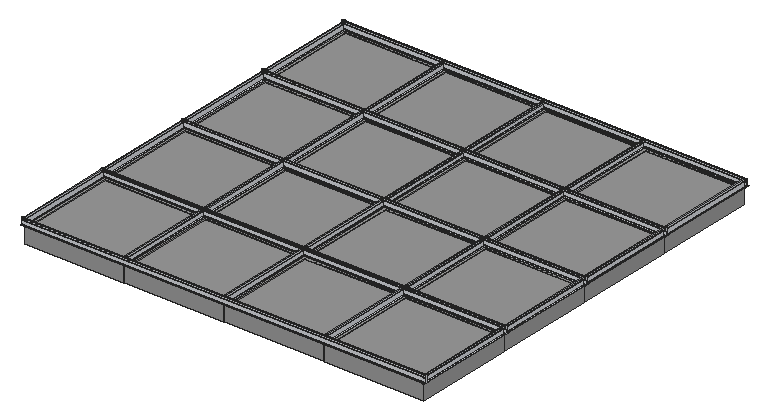
Revit family "GRD-FPG-012_RFA", category Modelos genéricos, Revit 2022 (continued)
Forms (in)
  Extrusion 181, solid
    sketch origin (48.02754, 154.90856, 0) x (1, 0, 0) y (0, 0, 1)
      loop
        arc (0.32669, 2.16944) -> (0.31795, 2.15637) -> (0.31489, 2.14095) r 0.04029
        line (0.31489, 2.14095) -> (0.31489, 1.72991)
        arc (0.31489, 1.72991) -> (0.32752, 1.69941) -> (0.35803, 1.68677) r 0.04314
        line (0.35803, 1.68677) -> (0.39803, 1.68677)
        arc (0.39803, 1.68677) -> (0.41512, 1.67969) -> (0.42221, 1.66259) r 0.02418
      loop
        arc (0.33294, 1.7291) -> (0.34005, 1.71194) -> (0.35722, 1.70483) r 0.02428
        line (0.35722, 1.70483) -> (0.39815, 1.70483)
        arc (0.39815, 1.70483) -> (0.42797, 1.69248) -> (0.44023, 1.66266) r 0.04217
        arc (0.44023, 1.66266) -> (0.45258, 1.69248) -> (0.4824, 1.70483) r 0.04217
        line (0.4824, 1.70483) -> (0.52333, 1.70483)
        arc (0.52333, 1.70483) -> (0.54049, 1.71194) -> (0.54761, 1.7291) r 0.02428
        line (0.54761, 1.7291) -> (0.54761, 2.15016) -> (0.45704, 2.24072)
        arc (0.45704, 2.24072) -> (0.44027, 2.24767) -> (0.42351, 2.24072) r 0.02371
        line (0.42351, 2.24072) -> (0.33294, 2.15016) -> (0.33294, 1.7291)
    from 58.93614 to 81.99864
  Extrusion 182, solid
    sketch origin (72.02767, 154.90856, 0) x (1, 0, 0) y (0, 0, 1)
      loop
        line (0.42221, 1.66259) -> (0.42231, 0.67354)
        arc (0.42231, 0.67354) -> (0.41009, 0.64403) -> (0.38057, 0.6318) r 0.04174
        line (0.38057, 0.6318) -> (-0.00639, 0.6318) -> (-0.00639, 0.59057) -> (0.8874, 0.59057) -> (0.8874, 0.6318) -> (0.49998, 0.6318)
        arc (0.49998, 0.6318) -> (0.47046, 0.64403) -> (0.45824, 0.67354) r 0.04174
        line (0.45824, 0.67354) -> (0.45834, 1.66259)
        arc (0.45834, 1.66259) -> (0.46543, 1.67969) -> (0.48252, 1.68677) r 0.02418
        line (0.48252, 1.68677) -> (0.52252, 1.68677)
        arc (0.52252, 1.68677) -> (0.55303, 1.69941) -> (0.56566, 1.72991) r 0.04314
        line (0.56566, 1.72991) -> (0.56566, 2.14095)
        arc (0.56566, 2.14095) -> (0.5626, 2.15637) -> (0.55386, 2.16944) r 0.04029
        line (0.55386, 2.16944) -> (0.47053, 2.25277)
        arc (0.47053, 2.25277) -> (0.44027, 2.2653) -> (0.41002, 2.25277) r 0.04279
        line (0.41002, 2.25277) -> (0.32669, 2.16944)
        arc (0.32669, 2.16944) -> (0.31795, 2.15637) -> (0.31489, 2.14095) r 0.04029
        line (0.31489, 2.14095) -> (0.31489, 1.72991)
        arc (0.31489, 1.72991) -> (0.32752, 1.69941) -> (0.35803, 1.68677) r 0.04314
        line (0.35803, 1.68677) -> (0.39803, 1.68677)
        arc (0.39803, 1.68677) -> (0.41512, 1.67969) -> (0.42221, 1.66259) r 0.02418
      loop
        arc (0.33294, 1.7291) -> (0.34005, 1.71194) -> (0.35722, 1.70483) r 0.02428
        line (0.35722, 1.70483) -> (0.39815, 1.70483)
        arc (0.39815, 1.70483) -> (0.42797, 1.69248) -> (0.44023, 1.66266) r 0.04217
        arc (0.44023, 1.66266) -> (0.45258, 1.69248) -> (0.4824, 1.70483) r 0.04217
        line (0.4824, 1.70483) -> (0.52333, 1.70483)
        arc (0.52333, 1.70483) -> (0.54049, 1.71194) -> (0.54761, 1.7291) r 0.02428
        line (0.54761, 1.7291) -> (0.54761, 2.15016) -> (0.45704, 2.24072)
        arc (0.45704, 2.24072) -> (0.44027, 2.24767) -> (0.42351, 2.24072) r 0.02371
        line (0.42351, 2.24072) -> (0.33294, 2.15016) -> (0.33294, 1.7291)
    from 58.93614 to 81.99864
  Extrusion 183, solid
    sketch origin (96.02767, 154.90856, 0) x (1, 0, 0) y (0, 0, 1)
      loop
        line (0.42221, 1.66259) -> (0.42231, 0.67354)
        arc (0.42231, 0.67354) -> (0.41009, 0.64403) -> (0.38057, 0.6318) r 0.04174
        line (0.38057, 0.6318) -> (-0.00639, 0.6318) -> (-0.00639, 0.59057) -> (0.8874, 0.59057) -> (0.8874, 0.6318) -> (0.49998, 0.6318)
        arc (0.49998, 0.6318) -> (0.47046, 0.64403) -> (0.45824, 0.67354) r 0.04174
        line (0.45824, 0.67354) -> (0.45834, 1.66259)
        arc (0.45834, 1.66259) -> (0.46543, 1.67969) -> (0.48252, 1.68677) r 0.02418
        line (0.48252, 1.68677) -> (0.52252, 1.68677)
        arc (0.52252, 1.68677) -> (0.55303, 1.69941) -> (0.56566, 1.72991) r 0.04314
        line (0.56566, 1.72991) -> (0.56566, 2.14095)
        arc (0.56566, 2.14095) -> (0.5626, 2.15637) -> (0.55386, 2.16944) r 0.04029
        line (0.55386, 2.16944) -> (0.47053, 2.25277)
        arc (0.47053, 2.25277) -> (0.44027, 2.2653) -> (0.41002, 2.25277) r 0.04279
        line (0.41002, 2.25277) -> (0.32669, 2.16944)
        arc (0.32669, 2.16944) -> (0.31795, 2.15637) -> (0.31489, 2.14095) r 0.04029
        line (0.31489, 2.14095) -> (0.31489, 1.72991)
        arc (0.31489, 1.72991) -> (0.32752, 1.69941) -> (0.35803, 1.68677) r 0.04314
        line (0.35803, 1.68677) -> (0.39803, 1.68677)
        arc (0.39803, 1.68677) -> (0.41512, 1.67969) -> (0.42221, 1.66259) r 0.02418
      loop
        arc (0.33294, 1.7291) -> (0.34005, 1.71194) -> (0.35722, 1.70483) r 0.02428
        line (0.35722, 1.70483) -> (0.39815, 1.70483)
        arc (0.39815, 1.70483) -> (0.42797, 1.69248) -> (0.44023, 1.66266) r 0.04217
        arc (0.44023, 1.66266) -> (0.45258, 1.69248) -> (0.4824, 1.70483) r 0.04217
        line (0.4824, 1.70483) -> (0.52333, 1.70483)
        arc (0.52333, 1.70483) -> (0.54049, 1.71194) -> (0.54761, 1.7291) r 0.02428
        line (0.54761, 1.7291) -> (0.54761, 2.15016) -> (0.45704, 2.24072)
        arc (0.45704, 2.24072) -> (0.44027, 2.24767) -> (0.42351, 2.24072) r 0.02371
        line (0.42351, 2.24072) -> (0.33294, 2.15016) -> (0.33294, 1.7291)
    from 58.93614 to 81.99864
  Extrusion 184, solid
    sketch origin (24.02767, 154.90856, 0) x (1, 0, 0) y (0, 0, 1)
      loop
        line (0.42221, 1.66259) -> (0.42231, 0.67354)
        arc (0.42231, 0.67354) -> (0.41009, 0.64403) -> (0.38057, 0.6318) r 0.04174
        line (0.38057, 0.6318) -> (-0.00639, 0.6318) -> (-0.00639, 0.59057) -> (0.8874, 0.59057) -> (0.8874, 0.6318) -> (0.49998, 0.6318)
        arc (0.49998, 0.6318) -> (0.47046, 0.64403) -> (0.45824, 0.67354) r 0.04174
        line (0.45824, 0.67354) -> (0.45834, 1.66259)
        arc (0.45834, 1.66259) -> (0.46543, 1.67969) -> (0.48252, 1.68677) r 0.02418
        line (0.48252, 1.68677) -> (0.52252, 1.68677)
        arc (0.52252, 1.68677) -> (0.55303, 1.69941) -> (0.56566, 1.72991) r 0.04314
        line (0.56566, 1.72991) -> (0.56566, 2.14095)
        arc (0.56566, 2.14095) -> (0.5626, 2.15637) -> (0.55386, 2.16944) r 0.04029
        line (0.55386, 2.16944) -> (0.47053, 2.25277)
        arc (0.47053, 2.25277) -> (0.44027, 2.2653) -> (0.41002, 2.25277) r 0.04279
        line (0.41002, 2.25277) -> (0.32669, 2.16944)
        arc (0.32669, 2.16944) -> (0.31795, 2.15637) -> (0.31489, 2.14095) r 0.04029
        line (0.31489, 2.14095) -> (0.31489, 1.72991)
        arc (0.31489, 1.72991) -> (0.32752, 1.69941) -> (0.35803, 1.68677) r 0.04314
        line (0.35803, 1.68677) -> (0.39803, 1.68677)
        arc (0.39803, 1.68677) -> (0.41512, 1.67969) -> (0.42221, 1.66259) r 0.02418
      loop
        arc (0.33294, 1.7291) -> (0.34005, 1.71194) -> (0.35722, 1.70483) r 0.02428
        line (0.35722, 1.70483) -> (0.39815, 1.70483)
        arc (0.39815, 1.70483) -> (0.42797, 1.69248) -> (0.44023, 1.66266) r 0.04217
        arc (0.44023, 1.66266) -> (0.45258, 1.69248) -> (0.4824, 1.70483) r 0.04217
        line (0.4824, 1.70483) -> (0.52333, 1.70483)
        arc (0.52333, 1.70483) -> (0.54049, 1.71194) -> (0.54761, 1.7291) r 0.02428
        line (0.54761, 1.7291) -> (0.54761, 2.15016) -> (0.45704, 2.24072)
        arc (0.45704, 2.24072) -> (0.44027, 2.24767) -> (0.42351, 2.24072) r 0.02371
        line (0.42351, 2.24072) -> (0.33294, 2.15016) -> (0.33294, 1.7291)
    from 58.93614 to 81.99864
  Extrusion 185, solid
    sketch origin (0.02767, 154.90856, 0) x (1, 0, 0) y (0, 0, 1)
      loop
        line (0.42221, 1.66259) -> (0.42231, 0.67354)
        arc (0.42231, 0.67354) -> (0.41009, 0.64403) -> (0.38057, 0.6318) r 0.04174
        line (0.38057, 0.6318) -> (-0.00639, 0.6318) -> (-0.00639, 0.59057) -> (0.8874, 0.59057) -> (0.8874, 0.6318) -> (0.49998, 0.6318)
        arc (0.49998, 0.6318) -> (0.47046, 0.64403) -> (0.45824, 0.67354) r 0.04174
        line (0.45824, 0.67354) -> (0.45834, 1.66259)
        arc (0.45834, 1.66259) -> (0.46543, 1.67969) -> (0.48252, 1.68677) r 0.02418
        line (0.48252, 1.68677) -> (0.52252, 1.68677)
        arc (0.52252, 1.68677) -> (0.55303, 1.69941) -> (0.56566, 1.72991) r 0.04314
        line (0.56566, 1.72991) -> (0.56566, 2.14095)
        arc (0.56566, 2.14095) -> (0.5626, 2.15637) -> (0.55386, 2.16944) r 0.04029
        line (0.55386, 2.16944) -> (0.47053, 2.25277)
        arc (0.47053, 2.25277) -> (0.44027, 2.2653) -> (0.41002, 2.25277) r 0.04279
        line (0.41002, 2.25277) -> (0.32669, 2.16944)
        arc (0.32669, 2.16944) -> (0.31795, 2.15637) -> (0.31489, 2.14095) r 0.04029
        line (0.31489, 2.14095) -> (0.31489, 1.72991)
        arc (0.31489, 1.72991) -> (0.32752, 1.69941) -> (0.35803, 1.68677) r 0.04314
        line (0.35803, 1.68677) -> (0.39803, 1.68677)
        arc (0.39803, 1.68677) -> (0.41512, 1.67969) -> (0.42221, 1.66259) r 0.02418
      loop
        arc (0.33294, 1.7291) -> (0.34005, 1.71194) -> (0.35722, 1.70483) r 0.02428
        line (0.35722, 1.70483) -> (0.39815, 1.70483)
        arc (0.39815, 1.70483) -> (0.42797, 1.69248) -> (0.44023, 1.66266) r 0.04217
        arc (0.44023, 1.66266) -> (0.45258, 1.69248) -> (0.4824, 1.70483) r 0.04217
        line (0.4824, 1.70483) -> (0.52333, 1.70483)
        arc (0.52333, 1.70483) -> (0.54049, 1.71194) -> (0.54761, 1.7291) r 0.02428
        line (0.54761, 1.7291) -> (0.54761, 2.15016) -> (0.45704, 2.24072)
        arc (0.45704, 2.24072) -> (0.44027, 2.24767) -> (0.42351, 2.24072) r 0.02371
        line (0.42351, 2.24072) -> (0.33294, 2.15016) -> (0.33294, 1.7291)
    from 58.93614 to 81.99864
  Extrusion 186, solid
    sketch origin (48.02754, 130.90855, 0) x (1, 0, 0) y (0, 0, 1)
      loop
        line (0.42221, 1.66259) -> (0.42231, 0.67354)
        arc (0.42231, 0.67354) -> (0.41009, 0.64403) -> (0.38057, 0.6318) r 0.04174
        line (0.38057, 0.6318) -> (-0.00639, 0.6318) -> (-0.00639, 0.59057) -> (0.8874, 0.59057) -> (0.8874, 0.6318) -> (0.49998, 0.6318)
        arc (0.49998, 0.6318) -> (0.47046, 0.64403) -> (0.45824, 0.67354) r 0.04174
        line (0.45824, 0.67354) -> (0.45834, 1.66259)
        arc (0.45834, 1.66259) -> (0.46543, 1.67969) -> (0.48252, 1.68677) r 0.02418
        line (0.48252, 1.68677) -> (0.52252, 1.68677)
        arc (0.52252, 1.68677) -> (0.55303, 1.69941) -> (0.56566, 1.72991) r 0.04314
        line (0.56566, 1.72991) -> (0.56566, 2.14095)
        arc (0.56566, 2.14095) -> (0.5626, 2.15637) -> (0.55386, 2.16944) r 0.04029
        line (0.55386, 2.16944) -> (0.47053, 2.25277)
        arc (0.47053, 2.25277) -> (0.44027, 2.2653) -> (0.41002, 2.25277) r 0.04279
        line (0.41002, 2.25277) -> (0.32669, 2.16944)
        arc (0.32669, 2.16944) -> (0.31795, 2.15637) -> (0.31489, 2.14095) r 0.04029
        line (0.31489, 2.14095) -> (0.31489, 1.72991)
        arc (0.31489, 1.72991) -> (0.32752, 1.69941) -> (0.35803, 1.68677) r 0.04314
        line (0.35803, 1.68677) -> (0.39803, 1.68677)
        arc (0.39803, 1.68677) -> (0.41512, 1.67969) -> (0.42221, 1.66259) r 0.02418
      loop
        arc (0.33294, 1.7291) -> (0.34005, 1.71194) -> (0.35722, 1.70483) r 0.02428
        line (0.35722, 1.70483) -> (0.39815, 1.70483)
        arc (0.39815, 1.70483) -> (0.42797, 1.69248) -> (0.44023, 1.66266) r 0.04217
        arc (0.44023, 1.66266) -> (0.45258, 1.69248) -> (0.4824, 1.70483) r 0.04217
        line (0.4824, 1.70483) -> (0.52333, 1.70483)
        arc (0.52333, 1.70483) -> (0.54049, 1.71194) -> (0.54761, 1.7291) r 0.02428
        line (0.54761, 1.7291) -> (0.54761, 2.15016) -> (0.45704, 2.24072)
        arc (0.45704, 2.24072) -> (0.44027, 2.24767) -> (0.42351, 2.24072) r 0.02371
        line (0.42351, 2.24072) -> (0.33294, 2.15016) -> (0.33294, 1.7291)
    from 58.93614 to 81.99864
  Extrusion 187, solid
    sketch origin (72.02767, 130.90855, 0) x (1, 0, 0) y (0, 0, 1)
      loop
        line (0.42221, 1.66259) -> (0.42231, 0.67354)
        arc (0.42231, 0.67354) -> (0.41009, 0.64403) -> (0.38057, 0.6318) r 0.04174
        line (0.38057, 0.6318) -> (-0.00639, 0.6318) -> (-0.00639, 0.59057) -> (0.8874, 0.59057) -> (0.8874, 0.6318) -> (0.49998, 0.6318)
        arc (0.49998, 0.6318) -> (0.47046, 0.64403) -> (0.45824, 0.67354) r 0.04174
        line (0.45824, 0.67354) -> (0.45834, 1.66259)
        arc (0.45834, 1.66259) -> (0.46543, 1.67969) -> (0.48252, 1.68677) r 0.02418
        line (0.48252, 1.68677) -> (0.52252, 1.68677)
        arc (0.52252, 1.68677) -> (0.55303, 1.69941) -> (0.56566, 1.72991) r 0.04314
        line (0.56566, 1.72991) -> (0.56566, 2.14095)
        arc (0.56566, 2.14095) -> (0.5626, 2.15637) -> (0.55386, 2.16944) r 0.04029
        line (0.55386, 2.16944) -> (0.47053, 2.25277)
        arc (0.47053, 2.25277) -> (0.44027, 2.2653) -> (0.41002, 2.25277) r 0.04279
        line (0.41002, 2.25277) -> (0.32669, 2.16944)
        arc (0.32669, 2.16944) -> (0.31795, 2.15637) -> (0.31489, 2.14095) r 0.04029
        line (0.31489, 2.14095) -> (0.31489, 1.72991)
        arc (0.31489, 1.72991) -> (0.32752, 1.69941) -> (0.35803, 1.68677) r 0.04314
        line (0.35803, 1.68677) -> (0.39803, 1.68677)
        arc (0.39803, 1.68677) -> (0.41512, 1.67969) -> (0.42221, 1.66259) r 0.02418
      loop
        arc (0.33294, 1.7291) -> (0.34005, 1.71194) -> (0.35722, 1.70483) r 0.02428
        line (0.35722, 1.70483) -> (0.39815, 1.70483)
        arc (0.39815, 1.70483) -> (0.42797, 1.69248) -> (0.44023, 1.66266) r 0.04217
        arc (0.44023, 1.66266) -> (0.45258, 1.69248) -> (0.4824, 1.70483) r 0.04217
        line (0.4824, 1.70483) -> (0.52333, 1.70483)
        arc (0.52333, 1.70483) -> (0.54049, 1.71194) -> (0.54761, 1.7291) r 0.02428
        line (0.54761, 1.7291) -> (0.54761, 2.15016) -> (0.45704, 2.24072)
        arc (0.45704, 2.24072) -> (0.44027, 2.24767) -> (0.42351, 2.24072) r 0.02371
        line (0.42351, 2.24072) -> (0.33294, 2.15016) -> (0.33294, 1.7291)
    from 58.93614 to 81.99864
  Extrusion 188, solid
    sketch origin (96.02767, 130.90855, 0) x (1, 0, 0) y (0, 0, 1)
      loop
        line (0.42221, 1.66259) -> (0.42231, 0.67354)
        arc (0.42231, 0.67354) -> (0.41009, 0.64403) -> (0.38057, 0.6318) r 0.04174
        line (0.38057, 0.6318) -> (-0.00639, 0.6318) -> (-0.00639, 0.59057) -> (0.8874, 0.59057) -> (0.8874, 0.6318) -> (0.49998, 0.6318)
        arc (0.49998, 0.6318) -> (0.47046, 0.64403) -> (0.45824, 0.67354) r 0.04174
        line (0.45824, 0.67354) -> (0.45834, 1.66259)
        arc (0.45834, 1.66259) -> (0.46543, 1.67969) -> (0.48252, 1.68677) r 0.02418
        line (0.48252, 1.68677) -> (0.52252, 1.68677)
        arc (0.52252, 1.68677) -> (0.55303, 1.69941) -> (0.56566, 1.72991) r 0.04314
        line (0.56566, 1.72991) -> (0.56566, 2.14095)
        arc (0.56566, 2.14095) -> (0.5626, 2.15637) -> (0.55386, 2.16944) r 0.04029
        line (0.55386, 2.16944) -> (0.47053, 2.25277)
        arc (0.47053, 2.25277) -> (0.44027, 2.2653) -> (0.41002, 2.25277) r 0.04279
        line (0.41002, 2.25277) -> (0.32669, 2.16944)
        arc (0.32669, 2.16944) -> (0.31795, 2.15637) -> (0.31489, 2.14095) r 0.04029
        line (0.31489, 2.14095) -> (0.31489, 1.72991)
        arc (0.31489, 1.72991) -> (0.32752, 1.69941) -> (0.35803, 1.68677) r 0.04314
        line (0.35803, 1.68677) -> (0.39803, 1.68677)
        arc (0.39803, 1.68677) -> (0.41512, 1.67969) -> (0.42221, 1.66259) r 0.02418
      loop
        arc (0.33294, 1.7291) -> (0.34005, 1.71194) -> (0.35722, 1.70483) r 0.02428
        line (0.35722, 1.70483) -> (0.39815, 1.70483)
        arc (0.39815, 1.70483) -> (0.42797, 1.69248) -> (0.44023, 1.66266) r 0.04217
        arc (0.44023, 1.66266) -> (0.45258, 1.69248) -> (0.4824, 1.70483) r 0.04217
        line (0.4824, 1.70483) -> (0.52333, 1.70483)
        arc (0.52333, 1.70483) -> (0.54049, 1.71194) -> (0.54761, 1.7291) r 0.02428
        line (0.54761, 1.7291) -> (0.54761, 2.15016) -> (0.45704, 2.24072)
        arc (0.45704, 2.24072) -> (0.44027, 2.24767) -> (0.42351, 2.24072) r 0.02371
        line (0.42351, 2.24072) -> (0.33294, 2.15016) -> (0.33294, 1.7291)
    from 58.93614 to 81.99864
  Extrusion 189, solid
    sketch origin (24.02767, 130.90855, 0) x (1, 0, 0) y (0, 0, 1)
      loop
        line (0.42221, 1.66259) -> (0.42231, 0.67354)
        arc (0.42231, 0.67354) -> (0.41009, 0.64403) -> (0.38057, 0.6318) r 0.04174
        line (0.38057, 0.6318) -> (-0.00639, 0.6318) -> (-0.00639, 0.59057) -> (0.8874, 0.59057) -> (0.8874, 0.6318) -> (0.49998, 0.6318)
        arc (0.49998, 0.6318) -> (0.47046, 0.64403) -> (0.45824, 0.67354) r 0.04174
        line (0.45824, 0.67354) -> (0.45834, 1.66259)
        arc (0.45834, 1.66259) -> (0.46543, 1.67969) -> (0.48252, 1.68677) r 0.02418
        line (0.48252, 1.68677) -> (0.52252, 1.68677)
        arc (0.52252, 1.68677) -> (0.55303, 1.69941) -> (0.56566, 1.72991) r 0.04314
        line (0.56566, 1.72991) -> (0.56566, 2.14095)
        arc (0.56566, 2.14095) -> (0.5626, 2.15637) -> (0.55386, 2.16944) r 0.04029
        line (0.55386, 2.16944) -> (0.47053, 2.25277)
        arc (0.47053, 2.25277) -> (0.44027, 2.2653) -> (0.41002, 2.25277) r 0.04279
        line (0.41002, 2.25277) -> (0.32669, 2.16944)
        arc (0.32669, 2.16944) -> (0.31795, 2.15637) -> (0.31489, 2.14095) r 0.04029
        line (0.31489, 2.14095) -> (0.31489, 1.72991)
        arc (0.31489, 1.72991) -> (0.32752, 1.69941) -> (0.35803, 1.68677) r 0.04314
        line (0.35803, 1.68677) -> (0.39803, 1.68677)
        arc (0.39803, 1.68677) -> (0.41512, 1.67969) -> (0.42221, 1.66259) r 0.02418
      loop
        arc (0.33294, 1.7291) -> (0.34005, 1.71194) -> (0.35722, 1.70483) r 0.02428
        line (0.35722, 1.70483) -> (0.39815, 1.70483)
        arc (0.39815, 1.70483) -> (0.42797, 1.69248) -> (0.44023, 1.66266) r 0.04217
        arc (0.44023, 1.66266) -> (0.45258, 1.69248) -> (0.4824, 1.70483) r 0.04217
        line (0.4824, 1.70483) -> (0.52333, 1.70483)
        arc (0.52333, 1.70483) -> (0.54049, 1.71194) -> (0.54761, 1.7291) r 0.02428
        line (0.54761, 1.7291) -> (0.54761, 2.15016) -> (0.45704, 2.24072)
        arc (0.45704, 2.24072) -> (0.44027, 2.24767) -> (0.42351, 2.24072) r 0.02371
        line (0.42351, 2.24072) -> (0.33294, 2.15016) -> (0.33294, 1.7291)
    from 58.93614 to 81.99864
  Extrusion 190, solid
    sketch origin (0.02767, 130.90855, 0) x (1, 0, 0) y (0, 0, 1)
      loop
        line (0.42221, 1.66259) -> (0.42231, 0.67354)
        arc (0.42231, 0.67354) -> (0.41009, 0.64403) -> (0.38057, 0.6318) r 0.04174
        line (0.38057, 0.6318) -> (-0.00639, 0.6318) -> (-0.00639, 0.59057) -> (0.8874, 0.59057) -> (0.8874, 0.6318) -> (0.49998, 0.6318)
        arc (0.49998, 0.6318) -> (0.47046, 0.64403) -> (0.45824, 0.67354) r 0.04174
        line (0.45824, 0.67354) -> (0.45834, 1.66259)
        arc (0.45834, 1.66259) -> (0.46543, 1.67969) -> (0.48252, 1.68677) r 0.02418
        line (0.48252, 1.68677) -> (0.52252, 1.68677)
        arc (0.52252, 1.68677) -> (0.55303, 1.69941) -> (0.56566, 1.72991) r 0.04314
        line (0.56566, 1.72991) -> (0.56566, 2.14095)
        arc (0.56566, 2.14095) -> (0.5626, 2.15637) -> (0.55386, 2.16944) r 0.04029
        line (0.55386, 2.16944) -> (0.47053, 2.25277)
        arc (0.47053, 2.25277) -> (0.44027, 2.2653) -> (0.41002, 2.25277) r 0.04279
        line (0.41002, 2.25277) -> (0.32669, 2.16944)
        arc (0.32669, 2.16944) -> (0.31795, 2.15637) -> (0.31489, 2.14095) r 0.04029
        line (0.31489, 2.14095) -> (0.31489, 1.72991)
        arc (0.31489, 1.72991) -> (0.32752, 1.69941) -> (0.35803, 1.68677) r 0.04314
        line (0.35803, 1.68677) -> (0.39803, 1.68677)
        arc (0.39803, 1.68677) -> (0.41512, 1.67969) -> (0.42221, 1.66259) r 0.02418
      loop
        arc (0.33294, 1.7291) -> (0.34005, 1.71194) -> (0.35722, 1.70483) r 0.02428
        line (0.35722, 1.70483) -> (0.39815, 1.70483)
        arc (0.39815, 1.70483) -> (0.42797, 1.69248) -> (0.44023, 1.66266) r 0.04217
        arc (0.44023, 1.66266) -> (0.45258, 1.69248) -> (0.4824, 1.70483) r 0.04217
        line (0.4824, 1.70483) -> (0.52333, 1.70483)
        arc (0.52333, 1.70483) -> (0.54049, 1.71194) -> (0.54761, 1.7291) r 0.02428
        line (0.54761, 1.7291) -> (0.54761, 2.15016) -> (0.45704, 2.24072)
        arc (0.45704, 2.24072) -> (0.44027, 2.24767) -> (0.42351, 2.24072) r 0.02371
        line (0.42351, 2.24072) -> (0.33294, 2.15016) -> (0.33294, 1.7291)
    from 58.93614 to 81.99864
  Extrusion 191, solid
    sketch origin (48.02754, 106.90856, 0) x (1, 0, 0) y (0, 0, 1)
      loop
        line (0.42221, 1.66259) -> (0.42231, 0.67354)
        arc (0.42231, 0.67354) -> (0.41009, 0.64403) -> (0.38057, 0.6318) r 0.04174
        line (0.38057, 0.6318) -> (-0.00639, 0.6318) -> (-0.00639, 0.59057) -> (0.8874, 0.59057) -> (0.8874, 0.6318) -> (0.49998, 0.6318)
        arc (0.49998, 0.6318) -> (0.47046, 0.64403) -> (0.45824, 0.67354) r 0.04174
        line (0.45824, 0.67354) -> (0.45834, 1.66259)
        arc (0.45834, 1.66259) -> (0.46543, 1.67969) -> (0.48252, 1.68677) r 0.02418
        line (0.48252, 1.68677) -> (0.52252, 1.68677)
        arc (0.52252, 1.68677) -> (0.55303, 1.69941) -> (0.56566, 1.72991) r 0.04314
        line (0.56566, 1.72991) -> (0.56566, 2.14095)
        arc (0.56566, 2.14095) -> (0.5626, 2.15637) -> (0.55386, 2.16944) r 0.04029
        line (0.55386, 2.16944) -> (0.47053, 2.25277)
        arc (0.47053, 2.25277) -> (0.44027, 2.2653) -> (0.41002, 2.25277) r 0.04279
        line (0.41002, 2.25277) -> (0.32669, 2.16944)
        arc (0.32669, 2.16944) -> (0.31795, 2.15637) -> (0.31489, 2.14095) r 0.04029
        line (0.31489, 2.14095) -> (0.31489, 1.72991)
        arc (0.31489, 1.72991) -> (0.32752, 1.69941) -> (0.35803, 1.68677) r 0.04314
        line (0.35803, 1.68677) -> (0.39803, 1.68677)
        arc (0.39803, 1.68677) -> (0.41512, 1.67969) -> (0.42221, 1.66259) r 0.02418
      loop
        arc (0.33294, 1.7291) -> (0.34005, 1.71194) -> (0.35722, 1.70483) r 0.02428
        line (0.35722, 1.70483) -> (0.39815, 1.70483)
        arc (0.39815, 1.70483) -> (0.42797, 1.69248) -> (0.44023, 1.66266) r 0.04217
        arc (0.44023, 1.66266) -> (0.45258, 1.69248) -> (0.4824, 1.70483) r 0.04217
        line (0.4824, 1.70483) -> (0.52333, 1.70483)
        arc (0.52333, 1.70483) -> (0.54049, 1.71194) -> (0.54761, 1.7291) r 0.02428
        line (0.54761, 1.7291) -> (0.54761, 2.15016) -> (0.45704, 2.24072)
        arc (0.45704, 2.24072) -> (0.44027, 2.24767) -> (0.42351, 2.24072) r 0.02371
        line (0.42351, 2.24072) -> (0.33294, 2.15016) -> (0.33294, 1.7291)
    from 58.93614 to 81.99864
  Extrusion 192, solid
    sketch origin (72.02767, 106.90856, 0) x (1, 0, 0) y (0, 0, 1)
      loop
        line (0.42221, 1.66259) -> (0.42231, 0.67354)
        arc (0.42231, 0.67354) -> (0.41009, 0.64403) -> (0.38057, 0.6318) r 0.04174
        line (0.38057, 0.6318) -> (-0.00639, 0.6318) -> (-0.00639, 0.59057) -> (0.8874, 0.59057) -> (0.8874, 0.6318) -> (0.49998, 0.6318)
        arc (0.49998, 0.6318) -> (0.47046, 0.64403) -> (0.45824, 0.67354) r 0.04174
        line (0.45824, 0.67354) -> (0.45834, 1.66259)
        arc (0.45834, 1.66259) -> (0.46543, 1.67969) -> (0.48252, 1.68677) r 0.02418
        line (0.48252, 1.68677) -> (0.52252, 1.68677)
        arc (0.52252, 1.68677) -> (0.55303, 1.69941) -> (0.56566, 1.72991) r 0.04314
        line (0.56566, 1.72991) -> (0.56566, 2.14095)
        arc (0.56566, 2.14095) -> (0.5626, 2.15637) -> (0.55386, 2.16944) r 0.04029
        line (0.55386, 2.16944) -> (0.47053, 2.25277)
        arc (0.47053, 2.25277) -> (0.44027, 2.2653) -> (0.41002, 2.25277) r 0.04279
        line (0.41002, 2.25277) -> (0.32669, 2.16944)
        arc (0.32669, 2.16944) -> (0.31795, 2.15637) -> (0.31489, 2.14095) r 0.04029
        line (0.31489, 2.14095) -> (0.31489, 1.72991)
        arc (0.31489, 1.72991) -> (0.32752, 1.69941) -> (0.35803, 1.68677) r 0.04314
        line (0.35803, 1.68677) -> (0.39803, 1.68677)
        arc (0.39803, 1.68677) -> (0.41512, 1.67969) -> (0.42221, 1.66259) r 0.02418
      loop
        arc (0.33294, 1.7291) -> (0.34005, 1.71194) -> (0.35722, 1.70483) r 0.02428
        line (0.35722, 1.70483) -> (0.39815, 1.70483)
        arc (0.39815, 1.70483) -> (0.42797, 1.69248) -> (0.44023, 1.66266) r 0.04217
        arc (0.44023, 1.66266) -> (0.45258, 1.69248) -> (0.4824, 1.70483) r 0.04217
        line (0.4824, 1.70483) -> (0.52333, 1.70483)
        arc (0.52333, 1.70483) -> (0.54049, 1.71194) -> (0.54761, 1.7291) r 0.02428
        line (0.54761, 1.7291) -> (0.54761, 2.15016) -> (0.45704, 2.24072)
        arc (0.45704, 2.24072) -> (0.44027, 2.24767) -> (0.42351, 2.24072) r 0.02371
        line (0.42351, 2.24072) -> (0.33294, 2.15016) -> (0.33294, 1.7291)
    from 58.93614 to 81.99864
  Extrusion 193, solid
    sketch origin (96.02767, 106.90856, 0) x (1, 0, 0) y (0, 0, 1)
      loop
        line (0.42221, 1.66259) -> (0.42231, 0.67354)
        arc (0.42231, 0.67354) -> (0.41009, 0.64403) -> (0.38057, 0.6318) r 0.04174
        line (0.38057, 0.6318) -> (-0.00639, 0.6318) -> (-0.00639, 0.59057) -> (0.8874, 0.59057) -> (0.8874, 0.6318) -> (0.49998, 0.6318)
        arc (0.49998, 0.6318) -> (0.47046, 0.64403) -> (0.45824, 0.67354) r 0.04174
        line (0.45824, 0.67354) -> (0.45834, 1.66259)
        arc (0.45834, 1.66259) -> (0.46543, 1.67969) -> (0.48252, 1.68677) r 0.02418
        line (0.48252, 1.68677) -> (0.52252, 1.68677)
        arc (0.52252, 1.68677) -> (0.55303, 1.69941) -> (0.56566, 1.72991) r 0.04314
        line (0.56566, 1.72991) -> (0.56566, 2.14095)
        arc (0.56566, 2.14095) -> (0.5626, 2.15637) -> (0.55386, 2.16944) r 0.04029
        line (0.55386, 2.16944) -> (0.47053, 2.25277)
        arc (0.47053, 2.25277) -> (0.44027, 2.2653) -> (0.41002, 2.25277) r 0.04279
        line (0.41002, 2.25277) -> (0.32669, 2.16944)
        arc (0.32669, 2.16944) -> (0.31795, 2.15637) -> (0.31489, 2.14095) r 0.04029
        line (0.31489, 2.14095) -> (0.31489, 1.72991)
        arc (0.31489, 1.72991) -> (0.32752, 1.69941) -> (0.35803, 1.68677) r 0.04314
        line (0.35803, 1.68677) -> (0.39803, 1.68677)
        arc (0.39803, 1.68677) -> (0.41512, 1.67969) -> (0.42221, 1.66259) r 0.02418
      loop
        arc (0.33294, 1.7291) -> (0.34005, 1.71194) -> (0.35722, 1.70483) r 0.02428
        line (0.35722, 1.70483) -> (0.39815, 1.70483)
        arc (0.39815, 1.70483) -> (0.42797, 1.69248) -> (0.44023, 1.66266) r 0.04217
        arc (0.44023, 1.66266) -> (0.45258, 1.69248) -> (0.4824, 1.70483) r 0.04217
        line (0.4824, 1.70483) -> (0.52333, 1.70483)
        arc (0.52333, 1.70483) -> (0.54049, 1.71194) -> (0.54761, 1.7291) r 0.02428
        line (0.54761, 1.7291) -> (0.54761, 2.15016) -> (0.45704, 2.24072)
        arc (0.45704, 2.24072) -> (0.44027, 2.24767) -> (0.42351, 2.24072) r 0.02371
        line (0.42351, 2.24072) -> (0.33294, 2.15016) -> (0.33294, 1.7291)
    from 58.93614 to 81.99864
  Extrusion 194, solid
    sketch origin (24.02767, 106.90856, 0) x (1, 0, 0) y (0, 0, 1)
      loop
        line (0.42221, 1.66259) -> (0.42231, 0.67354)
        arc (0.42231, 0.67354) -> (0.41009, 0.64403) -> (0.38057, 0.6318) r 0.04174
        line (0.38057, 0.6318) -> (-0.00639, 0.6318) -> (-0.00639, 0.59057) -> (0.8874, 0.59057) -> (0.8874, 0.6318) -> (0.49998, 0.6318)
        arc (0.49998, 0.6318) -> (0.47046, 0.64403) -> (0.45824, 0.67354) r 0.04174
        line (0.45824, 0.67354) -> (0.45834, 1.66259)
        arc (0.45834, 1.66259) -> (0.46543, 1.67969) -> (0.48252, 1.68677) r 0.02418
        line (0.48252, 1.68677) -> (0.52252, 1.68677)
        arc (0.52252, 1.68677) -> (0.55303, 1.69941) -> (0.56566, 1.72991) r 0.04314
        line (0.56566, 1.72991) -> (0.56566, 2.14095)
        arc (0.56566, 2.14095) -> (0.5626, 2.15637) -> (0.55386, 2.16944) r 0.04029
        line (0.55386, 2.16944) -> (0.47053, 2.25277)
        arc (0.47053, 2.25277) -> (0.44027, 2.2653) -> (0.41002, 2.25277) r 0.04279
        line (0.41002, 2.25277) -> (0.32669, 2.16944)
        arc (0.32669, 2.16944) -> (0.31795, 2.15637) -> (0.31489, 2.14095) r 0.04029
        line (0.31489, 2.14095) -> (0.31489, 1.72991)
        arc (0.31489, 1.72991) -> (0.32752, 1.69941) -> (0.35803, 1.68677) r 0.04314
        line (0.35803, 1.68677) -> (0.39803, 1.68677)
        arc (0.39803, 1.68677) -> (0.41512, 1.67969) -> (0.42221, 1.66259) r 0.02418
      loop
        arc (0.33294, 1.7291) -> (0.34005, 1.71194) -> (0.35722, 1.70483) r 0.02428
        line (0.35722, 1.70483) -> (0.39815, 1.70483)
        arc (0.39815, 1.70483) -> (0.42797, 1.69248) -> (0.44023, 1.66266) r 0.04217
        arc (0.44023, 1.66266) -> (0.45258, 1.69248) -> (0.4824, 1.70483) r 0.04217
        line (0.4824, 1.70483) -> (0.52333, 1.70483)
        arc (0.52333, 1.70483) -> (0.54049, 1.71194) -> (0.54761, 1.7291) r 0.02428
        line (0.54761, 1.7291) -> (0.54761, 2.15016) -> (0.45704, 2.24072)
        arc (0.45704, 2.24072) -> (0.44027, 2.24767) -> (0.42351, 2.24072) r 0.02371
        line (0.42351, 2.24072) -> (0.33294, 2.15016) -> (0.33294, 1.7291)
    from 58.93614 to 81.99864
  Extrusion 195, solid
    sketch origin (0.02767, 106.90856, 0) x (1, 0, 0) y (0, 0, 1)
      loop
        line (0.42221, 1.66259) -> (0.42231, 0.67354)
        arc (0.42231, 0.67354) -> (0.41009, 0.64403) -> (0.38057, 0.6318) r 0.04174
        line (0.38057, 0.6318) -> (-0.00639, 0.6318) -> (-0.00639, 0.59057) -> (0.8874, 0.59057) -> (0.8874, 0.6318) -> (0.49998, 0.6318)
        arc (0.49998, 0.6318) -> (0.47046, 0.64403) -> (0.45824, 0.67354) r 0.04174
        line (0.45824, 0.67354) -> (0.45834, 1.66259)
        arc (0.45834, 1.66259) -> (0.46543, 1.67969) -> (0.48252, 1.68677) r 0.02418
        line (0.48252, 1.68677) -> (0.52252, 1.68677)
        arc (0.52252, 1.68677) -> (0.55303, 1.69941) -> (0.56566, 1.72991) r 0.04314
        line (0.56566, 1.72991) -> (0.56566, 2.14095)
        arc (0.56566, 2.14095) -> (0.5626, 2.15637) -> (0.55386, 2.16944) r 0.04029
        line (0.55386, 2.16944) -> (0.47053, 2.25277)
        arc (0.47053, 2.25277) -> (0.44027, 2.2653) -> (0.41002, 2.25277) r 0.04279
        line (0.41002, 2.25277) -> (0.32669, 2.16944)
        arc (0.32669, 2.16944) -> (0.31795, 2.15637) -> (0.31489, 2.14095) r 0.04029
        line (0.31489, 2.14095) -> (0.31489, 1.72991)
        arc (0.31489, 1.72991) -> (0.32752, 1.69941) -> (0.35803, 1.68677) r 0.04314
        line (0.35803, 1.68677) -> (0.39803, 1.68677)
        arc (0.39803, 1.68677) -> (0.41512, 1.67969) -> (0.42221, 1.66259) r 0.02418
      loop
        arc (0.33294, 1.7291) -> (0.34005, 1.71194) -> (0.35722, 1.70483) r 0.02428
        line (0.35722, 1.70483) -> (0.39815, 1.70483)
        arc (0.39815, 1.70483) -> (0.42797, 1.69248) -> (0.44023, 1.66266) r 0.04217
        arc (0.44023, 1.66266) -> (0.45258, 1.69248) -> (0.4824, 1.70483) r 0.04217
        line (0.4824, 1.70483) -> (0.52333, 1.70483)
        arc (0.52333, 1.70483) -> (0.54049, 1.71194) -> (0.54761, 1.7291) r 0.02428
        line (0.54761, 1.7291) -> (0.54761, 2.15016) -> (0.45704, 2.24072)
        arc (0.45704, 2.24072) -> (0.44027, 2.24767) -> (0.42351, 2.24072) r 0.02371
        line (0.42351, 2.24072) -> (0.33294, 2.15016) -> (0.33294, 1.7291)
    from 58.93614 to 81.99864
  Extrusion 196, solid
    sketch origin (48.02754, 82.90856, 0) x (1, 0, 0) y (0, 0, 1)
      loop
        line (0.42221, 1.66259) -> (0.42231, 0.67354)
        arc (0.42231, 0.67354) -> (0.41009, 0.64403) -> (0.38057, 0.6318) r 0.04174
        line (0.38057, 0.6318) -> (-0.00639, 0.6318) -> (-0.00639, 0.59057) -> (0.8874, 0.59057) -> (0.8874, 0.6318) -> (0.49998, 0.6318)
        arc (0.49998, 0.6318) -> (0.47046, 0.64403) -> (0.45824, 0.67354) r 0.04174
        line (0.45824, 0.67354) -> (0.45834, 1.66259)
        arc (0.45834, 1.66259) -> (0.46543, 1.67969) -> (0.48252, 1.68677) r 0.02418
        line (0.48252, 1.68677) -> (0.52252, 1.68677)
        arc (0.52252, 1.68677) -> (0.55303, 1.69941) -> (0.56566, 1.72991) r 0.04314
        line (0.56566, 1.72991) -> (0.56566, 2.14095)
        arc (0.56566, 2.14095) -> (0.5626, 2.15637) -> (0.55386, 2.16944) r 0.04029
        line (0.55386, 2.16944) -> (0.47053, 2.25277)
        arc (0.47053, 2.25277) -> (0.44027, 2.2653) -> (0.41002, 2.25277) r 0.04279
        line (0.41002, 2.25277) -> (0.32669, 2.16944)
        arc (0.32669, 2.16944) -> (0.31795, 2.15637) -> (0.31489, 2.14095) r 0.04029
        line (0.31489, 2.14095) -> (0.31489, 1.72991)
        arc (0.31489, 1.72991) -> (0.32752, 1.69941) -> (0.35803, 1.68677) r 0.04314
        line (0.35803, 1.68677) -> (0.39803, 1.68677)
        arc (0.39803, 1.68677) -> (0.41512, 1.67969) -> (0.42221, 1.66259) r 0.02418
      loop
        arc (0.33294, 1.7291) -> (0.34005, 1.71194) -> (0.35722, 1.70483) r 0.02428
        line (0.35722, 1.70483) -> (0.39815, 1.70483)
        arc (0.39815, 1.70483) -> (0.42797, 1.69248) -> (0.44023, 1.66266) r 0.04217
        arc (0.44023, 1.66266) -> (0.45258, 1.69248) -> (0.4824, 1.70483) r 0.04217
        line (0.4824, 1.70483) -> (0.52333, 1.70483)
        arc (0.52333, 1.70483) -> (0.54049, 1.71194) -> (0.54761, 1.7291) r 0.02428
        line (0.54761, 1.7291) -> (0.54761, 2.15016) -> (0.45704, 2.24072)
        arc (0.45704, 2.24072) -> (0.44027, 2.24767) -> (0.42351, 2.24072) r 0.02371
        line (0.42351, 2.24072) -> (0.33294, 2.15016) -> (0.33294, 1.7291)
    from 58.93614 to 81.99864
  Extrusion 197, solid
    sketch origin (72.02767, 82.90856, 0) x (1, 0, 0) y (0, 0, 1)
      loop
        line (0.42221, 1.66259) -> (0.42231, 0.67354)
        arc (0.42231, 0.67354) -> (0.41009, 0.64403) -> (0.38057, 0.6318) r 0.04174
        line (0.38057, 0.6318) -> (-0.00639, 0.6318) -> (-0.00639, 0.59057) -> (0.8874, 0.59057) -> (0.8874, 0.6318) -> (0.49998, 0.6318)
        arc (0.49998, 0.6318) -> (0.47046, 0.64403) -> (0.45824, 0.67354) r 0.04174
        line (0.45824, 0.67354) -> (0.45834, 1.66259)
        arc (0.45834, 1.66259) -> (0.46543, 1.67969) -> (0.48252, 1.68677) r 0.02418
        line (0.48252, 1.68677) -> (0.52252, 1.68677)
        arc (0.52252, 1.68677) -> (0.55303, 1.69941) -> (0.56566, 1.72991) r 0.04314
        line (0.56566, 1.72991) -> (0.56566, 2.14095)
        arc (0.56566, 2.14095) -> (0.5626, 2.15637) -> (0.55386, 2.16944) r 0.04029
        line (0.55386, 2.16944) -> (0.47053, 2.25277)
        arc (0.47053, 2.25277) -> (0.44027, 2.2653) -> (0.41002, 2.25277) r 0.04279
        line (0.41002, 2.25277) -> (0.32669, 2.16944)
        arc (0.32669, 2.16944) -> (0.31795, 2.15637) -> (0.31489, 2.14095) r 0.04029
        line (0.31489, 2.14095) -> (0.31489, 1.72991)
        arc (0.31489, 1.72991) -> (0.32752, 1.69941) -> (0.35803, 1.68677) r 0.04314
        line (0.35803, 1.68677) -> (0.39803, 1.68677)
        arc (0.39803, 1.68677) -> (0.41512, 1.67969) -> (0.42221, 1.66259) r 0.02418
      loop
        arc (0.33294, 1.7291) -> (0.34005, 1.71194) -> (0.35722, 1.70483) r 0.02428
        line (0.35722, 1.70483) -> (0.39815, 1.70483)
        arc (0.39815, 1.70483) -> (0.42797, 1.69248) -> (0.44023, 1.66266) r 0.04217
        arc (0.44023, 1.66266) -> (0.45258, 1.69248) -> (0.4824, 1.70483) r 0.04217
        line (0.4824, 1.70483) -> (0.52333, 1.70483)
        arc (0.52333, 1.70483) -> (0.54049, 1.71194) -> (0.54761, 1.7291) r 0.02428
        line (0.54761, 1.7291) -> (0.54761, 2.15016) -> (0.45704, 2.24072)
        arc (0.45704, 2.24072) -> (0.44027, 2.24767) -> (0.42351, 2.24072) r 0.02371
        line (0.42351, 2.24072) -> (0.33294, 2.15016) -> (0.33294, 1.7291)
    from 58.93614 to 81.99864
  Extrusion 198, solid
    sketch origin (96.02767, 82.90856, 0) x (1, 0, 0) y (0, 0, 1)
      loop
        line (0.42221, 1.66259) -> (0.42231, 0.67354)
        arc (0.42231, 0.67354) -> (0.41009, 0.64403) -> (0.38057, 0.6318) r 0.04174
        line (0.38057, 0.6318) -> (-0.00639, 0.6318) -> (-0.00639, 0.59057) -> (0.8874, 0.59057) -> (0.8874, 0.6318) -> (0.49998, 0.6318)
        arc (0.49998, 0.6318) -> (0.47046, 0.64403) -> (0.45824, 0.67354) r 0.04174
        line (0.45824, 0.67354) -> (0.45834, 1.66259)
        arc (0.45834, 1.66259) -> (0.46543, 1.67969) -> (0.48252, 1.68677) r 0.02418
        line (0.48252, 1.68677) -> (0.52252, 1.68677)
        arc (0.52252, 1.68677) -> (0.55303, 1.69941) -> (0.56566, 1.72991) r 0.04314
        line (0.56566, 1.72991) -> (0.56566, 2.14095)
        arc (0.56566, 2.14095) -> (0.5626, 2.15637) -> (0.55386, 2.16944) r 0.04029
        line (0.55386, 2.16944) -> (0.47053, 2.25277)
        arc (0.47053, 2.25277) -> (0.44027, 2.2653) -> (0.41002, 2.25277) r 0.04279
        line (0.41002, 2.25277) -> (0.32669, 2.16944)
        arc (0.32669, 2.16944) -> (0.31795, 2.15637) -> (0.31489, 2.14095) r 0.04029
        line (0.31489, 2.14095) -> (0.31489, 1.72991)
        arc (0.31489, 1.72991) -> (0.32752, 1.69941) -> (0.35803, 1.68677) r 0.04314
        line (0.35803, 1.68677) -> (0.39803, 1.68677)
        arc (0.39803, 1.68677) -> (0.41512, 1.67969) -> (0.42221, 1.66259) r 0.02418
      loop
        arc (0.33294, 1.7291) -> (0.34005, 1.71194) -> (0.35722, 1.70483) r 0.02428
        line (0.35722, 1.70483) -> (0.39815, 1.70483)
        arc (0.39815, 1.70483) -> (0.42797, 1.69248) -> (0.44023, 1.66266) r 0.04217
        arc (0.44023, 1.66266) -> (0.45258, 1.69248) -> (0.4824, 1.70483) r 0.04217
        line (0.4824, 1.70483) -> (0.52333, 1.70483)
        arc (0.52333, 1.70483) -> (0.54049, 1.71194) -> (0.54761, 1.7291) r 0.02428
        line (0.54761, 1.7291) -> (0.54761, 2.15016) -> (0.45704, 2.24072)
        arc (0.45704, 2.24072) -> (0.44027, 2.24767) -> (0.42351, 2.24072) r 0.02371
        line (0.42351, 2.24072) -> (0.33294, 2.15016) -> (0.33294, 1.7291)
    from 58.93614 to 81.99864
  Extrusion 199, solid
    sketch origin (24.02767, 82.90856, 0) x (1, 0, 0) y (0, 0, 1)
      loop
        line (0.42221, 1.66259) -> (0.42231, 0.67354)
        arc (0.42231, 0.67354) -> (0.41009, 0.64403) -> (0.38057, 0.6318) r 0.04174
        line (0.38057, 0.6318) -> (-0.00639, 0.6318) -> (-0.00639, 0.59057) -> (0.8874, 0.59057) -> (0.8874, 0.6318) -> (0.49998, 0.6318)
        arc (0.49998, 0.6318) -> (0.47046, 0.64403) -> (0.45824, 0.67354) r 0.04174
        line (0.45824, 0.67354) -> (0.45834, 1.66259)
        arc (0.45834, 1.66259) -> (0.46543, 1.67969) -> (0.48252, 1.68677) r 0.02418
        line (0.48252, 1.68677) -> (0.52252, 1.68677)
        arc (0.52252, 1.68677) -> (0.55303, 1.69941) -> (0.56566, 1.72991) r 0.04314
        line (0.56566, 1.72991) -> (0.56566, 2.14095)
        arc (0.56566, 2.14095) -> (0.5626, 2.15637) -> (0.55386, 2.16944) r 0.04029
        line (0.55386, 2.16944) -> (0.47053, 2.25277)
        arc (0.47053, 2.25277) -> (0.44027, 2.2653) -> (0.41002, 2.25277) r 0.04279
        line (0.41002, 2.25277) -> (0.32669, 2.16944)
        arc (0.32669, 2.16944) -> (0.31795, 2.15637) -> (0.31489, 2.14095) r 0.04029
        line (0.31489, 2.14095) -> (0.31489, 1.72991)
        arc (0.31489, 1.72991) -> (0.32752, 1.69941) -> (0.35803, 1.68677) r 0.04314
        line (0.35803, 1.68677) -> (0.39803, 1.68677)
        arc (0.39803, 1.68677) -> (0.41512, 1.67969) -> (0.42221, 1.66259) r 0.02418
      loop
        arc (0.33294, 1.7291) -> (0.34005, 1.71194) -> (0.35722, 1.70483) r 0.02428
        line (0.35722, 1.70483) -> (0.39815, 1.70483)
        arc (0.39815, 1.70483) -> (0.42797, 1.69248) -> (0.44023, 1.66266) r 0.04217
        arc (0.44023, 1.66266) -> (0.45258, 1.69248) -> (0.4824, 1.70483) r 0.04217
        line (0.4824, 1.70483) -> (0.52333, 1.70483)
        arc (0.52333, 1.70483) -> (0.54049, 1.71194) -> (0.54761, 1.7291) r 0.02428
        line (0.54761, 1.7291) -> (0.54761, 2.15016) -> (0.45704, 2.24072)
        arc (0.45704, 2.24072) -> (0.44027, 2.24767) -> (0.42351, 2.24072) r 0.02371
        line (0.42351, 2.24072) -> (0.33294, 2.15016) -> (0.33294, 1.7291)
    from 58.93614 to 81.99864
  Extrusion 200, solid
    sketch origin (0.02767, 82.90856, 0) x (1, 0, 0) y (0, 0, 1)
      loop
        line (0.42221, 1.66259) -> (0.42231, 0.67354)
        arc (0.42231, 0.67354) -> (0.41009, 0.64403) -> (0.38057, 0.6318) r 0.04174
        line (0.38057, 0.6318) -> (-0.00639, 0.6318) -> (-0.00639, 0.59057) -> (0.8874, 0.59057) -> (0.8874, 0.6318) -> (0.49998, 0.6318)
        arc (0.49998, 0.6318) -> (0.47046, 0.64403) -> (0.45824, 0.67354) r 0.04174
        line (0.45824, 0.67354) -> (0.45834, 1.66259)
        arc (0.45834, 1.66259) -> (0.46543, 1.67969) -> (0.48252, 1.68677) r 0.02418
        line (0.48252, 1.68677) -> (0.52252, 1.68677)
        arc (0.52252, 1.68677) -> (0.55303, 1.69941) -> (0.56566, 1.72991) r 0.04314
        line (0.56566, 1.72991) -> (0.56566, 2.14095)
        arc (0.56566, 2.14095) -> (0.5626, 2.15637) -> (0.55386, 2.16944) r 0.04029
        line (0.55386, 2.16944) -> (0.47053, 2.25277)
        arc (0.47053, 2.25277) -> (0.44027, 2.2653) -> (0.41002, 2.25277) r 0.04279
        line (0.41002, 2.25277) -> (0.32669, 2.16944)
        arc (0.32669, 2.16944) -> (0.31795, 2.15637) -> (0.31489, 2.14095) r 0.04029
        line (0.31489, 2.14095) -> (0.31489, 1.72991)
        arc (0.31489, 1.72991) -> (0.32752, 1.69941) -> (0.35803, 1.68677) r 0.04314
        line (0.35803, 1.68677) -> (0.39803, 1.68677)
        arc (0.39803, 1.68677) -> (0.41512, 1.67969) -> (0.42221, 1.66259) r 0.02418
      loop
        arc (0.33294, 1.7291) -> (0.34005, 1.71194) -> (0.35722, 1.70483) r 0.02428
        line (0.35722, 1.70483) -> (0.39815, 1.70483)
        arc (0.39815, 1.70483) -> (0.42797, 1.69248) -> (0.44023, 1.66266) r 0.04217
        arc (0.44023, 1.66266) -> (0.45258, 1.69248) -> (0.4824, 1.70483) r 0.04217
        line (0.4824, 1.70483) -> (0.52333, 1.70483)
        arc (0.52333, 1.70483) -> (0.54049, 1.71194) -> (0.54761, 1.7291) r 0.02428
        line (0.54761, 1.7291) -> (0.54761, 2.15016) -> (0.45704, 2.24072)
        arc (0.45704, 2.24072) -> (0.44027, 2.24767) -> (0.42351, 2.24072) r 0.02371
        line (0.42351, 2.24072) -> (0.33294, 2.15016) -> (0.33294, 1.7291)
    from 58.93614 to 81.99864
  Extrusion 201, solid, not visible
    sketch origin (0, 0, 0) x (1, 0, 0) y (0, 1, 0)
      loop
        line (24.34376, 0.56617) -> (24.34376, 24.31617) -> (0.59376, 24.31617) -> (0.59376, 0.56617) -> (24.34376, 0.56617)
    from 0.11811 to 0.59055
  Extrusion 202, solid, not visible
    sketch origin (0, 0, 0) x (1, 0, 0) y (0, 1, 0)
      loop
        line (24.34376, 0.56617) -> (24.34376, 24.31617) -> (0.59376, 24.31617) -> (0.59376, 0.56617) -> (24.34376, 0.56617)
    from 0 to 0.11811
  Extrusion 203, solid, not visible
    sketch origin (24, 0, 0) x (1, 0, 0) y (0, 1, 0)
      loop
        line (24.34376, 0.56617) -> (24.34376, 24.31617) -> (0.59376, 24.31617) -> (0.59376, 0.56617) -> (24.34376, 0.56617)
    from 0.11811 to 0.59055
  Extrusion 204, solid, not visible
    sketch origin (24, 0, 0) x (1, 0, 0) y (0, 1, 0)
      loop
        line (24.34376, 0.56617) -> (24.34376, 24.31617) -> (0.59376, 24.31617) -> (0.59376, 0.56617) -> (24.34376, 0.56617)
    from 0 to 0.11811
  Extrusion 205, solid, not visible
    sketch origin (48, 0, 0) x (1, 0, 0) y (0, 1, 0)
      loop
        line (24.34376, 0.56617) -> (24.34376, 24.31617) -> (0.59376, 24.31617) -> (0.59376, 0.56617) -> (24.34376, 0.56617)
    from 0.11811 to 0.59055
  Extrusion 206, solid, not visible
    sketch origin (48, 0, 0) x (1, 0, 0) y (0, 1, 0)
      loop
        line (24.34376, 0.56617) -> (24.34376, 24.31617) -> (0.59376, 24.31617) -> (0.59376, 0.56617) -> (24.34376, 0.56617)
    from 0 to 0.11811
  Extrusion 207, solid, not visible
    sketch origin (72, 0, 0) x (1, 0, 0) y (0, 1, 0)
      loop
        line (24.34376, 0.56617) -> (24.34376, 24.31617) -> (0.59376, 24.31617) -> (0.59376, 0.56617) -> (24.34376, 0.56617)
    from 0.11811 to 0.59055
  Extrusion 208, solid, not visible
    sketch origin (72, 0, 0) x (1, 0, 0) y (0, 1, 0)
      loop
        line (24.34376, 0.56617) -> (24.34376, 24.31617) -> (0.59376, 24.31617) -> (0.59376, 0.56617) -> (24.34376, 0.56617)
    from 0 to 0.11811
  Extrusion 209, solid, not visible
    sketch origin (0, 24, 0) x (1, 0, 0) y (0, 1, 0)
      loop
        line (24.34376, 0.56617) -> (24.34376, 24.31617) -> (0.59376, 24.31617) -> (0.59376, 0.56617) -> (24.34376, 0.56617)
    from 0.11811 to 0.59055
  Extrusion 210, solid, not visible
    sketch origin (0, 24, 0) x (1, 0, 0) y (0, 1, 0)
      loop
        line (24.34376, 0.56617) -> (24.34376, 24.31617) -> (0.59376, 24.31617) -> (0.59376, 0.56617) -> (24.34376, 0.56617)
    from 0 to 0.11811
  Extrusion 211, solid, not visible
    sketch origin (24, 24, 0) x (1, 0, 0) y (0, 1, 0)
      loop
        line (24.34376, 0.56617) -> (24.34376, 24.31617) -> (0.59376, 24.31617) -> (0.59376, 0.56617) -> (24.34376, 0.56617)
    from 0.11811 to 0.59055
  Extrusion 212, solid, not visible
    sketch origin (24, 24, 0) x (1, 0, 0) y (0, 1, 0)
      loop
        line (24.34376, 0.56617) -> (24.34376, 24.31617) -> (0.59376, 24.31617) -> (0.59376, 0.56617) -> (24.34376, 0.56617)
    from 0 to 0.11811
  Extrusion 213, solid, not visible
    sketch origin (48, 24, 0) x (1, 0, 0) y (0, 1, 0)
      loop
        line (24.34376, 0.56617) -> (24.34376, 24.31617) -> (0.59376, 24.31617) -> (0.59376, 0.56617) -> (24.34376, 0.56617)
    from 0.11811 to 0.59055
  Extrusion 214, solid, not visible
    sketch origin (48, 24, 0) x (1, 0, 0) y (0, 1, 0)
      loop
        line (24.34376, 0.56617) -> (24.34376, 24.31617) -> (0.59376, 24.31617) -> (0.59376, 0.56617) -> (24.34376, 0.56617)
    from 0 to 0.11811
  Extrusion 215, solid, not visible
    sketch origin (72, 24, 0) x (1, 0, 0) y (0, 1, 0)
      loop
        line (24.34376, 0.56617) -> (24.34376, 24.31617) -> (0.59376, 24.31617) -> (0.59376, 0.56617) -> (24.34376, 0.56617)
    from 0.11811 to 0.59055
  Extrusion 216, solid, not visible
    sketch origin (72, 24, 0) x (1, 0, 0) y (0, 1, 0)
      loop
        line (24.34376, 0.56617) -> (24.34376, 24.31617) -> (0.59376, 24.31617) -> (0.59376, 0.56617) -> (24.34376, 0.56617)
    from 0 to 0.11811
  Extrusion 217, solid, not visible
    sketch origin (0, 48, 0) x (1, 0, 0) y (0, 1, 0)
      loop
        line (24.34376, 0.56617) -> (24.34376, 24.31617) -> (0.59376, 24.31617) -> (0.59376, 0.56617) -> (24.34376, 0.56617)
    from 0.11811 to 0.59055
  Extrusion 218, solid, not visible
    sketch origin (0, 48, 0) x (1, 0, 0) y (0, 1, 0)
      loop
        line (24.34376, 0.56617) -> (24.34376, 24.31617) -> (0.59376, 24.31617) -> (0.59376, 0.56617) -> (24.34376, 0.56617)
    from 0 to 0.11811
  Extrusion 219, solid, not visible
    sketch origin (24, 48, 0) x (1, 0, 0) y (0, 1, 0)
      loop
        line (24.34376, 0.56617) -> (24.34376, 24.31617) -> (0.59376, 24.31617) -> (0.59376, 0.56617) -> (24.34376, 0.56617)
    from 0.11811 to 0.59055
  Extrusion 220, solid, not visible
    sketch origin (24, 48, 0) x (1, 0, 0) y (0, 1, 0)
      loop
        line (24.34376, 0.56617) -> (24.34376, 24.31617) -> (0.59376, 24.31617) -> (0.59376, 0.56617) -> (24.34376, 0.56617)
    from 0 to 0.11811
  Extrusion 221, solid, not visible
    sketch origin (48, 48, 0) x (1, 0, 0) y (0, 1, 0)
      loop
        line (24.34376, 0.56617) -> (24.34376, 24.31617) -> (0.59376, 24.31617) -> (0.59376, 0.56617) -> (24.34376, 0.56617)
    from 0.11811 to 0.59055
  Extrusion 222, solid, not visible
    sketch origin (48, 48, 0) x (1, 0, 0) y (0, 1, 0)
      loop
        line (24.34376, 0.56617) -> (24.34376, 24.31617) -> (0.59376, 24.31617) -> (0.59376, 0.56617) -> (24.34376, 0.56617)
    from 0 to 0.11811
  Extrusion 223, solid, not visible
    sketch origin (72, 48, 0) x (1, 0, 0) y (0, 1, 0)
      loop
        line (24.34376, 0.56617) -> (24.34376, 24.31617) -> (0.59376, 24.31617) -> (0.59376, 0.56617) -> (24.34376, 0.56617)
    from 0.11811 to 0.59055
  Extrusion 224, solid, not visible
    sketch origin (72, 48, 0) x (1, 0, 0) y (0, 1, 0)
      loop
        line (24.34376, 0.56617) -> (24.34376, 24.31617) -> (0.59376, 24.31617) -> (0.59376, 0.56617) -> (24.34376, 0.56617)
    from 0 to 0.11811
  Extrusion 225, solid, not visible
    sketch origin (0, 72, 0) x (1, 0, 0) y (0, 1, 0)
      loop
        line (24.34376, 0.56617) -> (24.34376, 24.31617) -> (0.59376, 24.31617) -> (0.59376, 0.56617) -> (24.34376, 0.56617)
    from 0.11811 to 0.59055
  Extrusion 226, solid, not visible
    sketch origin (0, 72, 0) x (1, 0, 0) y (0, 1, 0)
      loop
        line (24.34376, 0.56617) -> (24.34376, 24.31617) -> (0.59376, 24.31617) -> (0.59376, 0.56617) -> (24.34376, 0.56617)
    from 0 to 0.11811
  Extrusion 227, solid, not visible
    sketch origin (24, 72, 0) x (1, 0, 0) y (0, 1, 0)
      loop
        line (24.34376, 0.56617) -> (24.34376, 24.31617) -> (0.59376, 24.31617) -> (0.59376, 0.56617) -> (24.34376, 0.56617)
    from 0.11811 to 0.59055
  Extrusion 228, solid, not visible
    sketch origin (24, 72, 0) x (1, 0, 0) y (0, 1, 0)
      loop
        line (24.34376, 0.56617) -> (24.34376, 24.31617) -> (0.59376, 24.31617) -> (0.59376, 0.56617) -> (24.34376, 0.56617)
    from 0 to 0.11811
  Extrusion 229, solid, not visible
    sketch origin (48, 72, 0) x (1, 0, 0) y (0, 1, 0)
      loop
        line (24.34376, 0.56617) -> (24.34376, 24.31617) -> (0.59376, 24.31617) -> (0.59376, 0.56617) -> (24.34376, 0.56617)
    from 0.11811 to 0.59055
  Extrusion 230, solid, not visible
    sketch origin (48, 72, 0) x (1, 0, 0) y (0, 1, 0)
      loop
        line (24.34376, 0.56617) -> (24.34376, 24.31617) -> (0.59376, 24.31617) -> (0.59376, 0.56617) -> (24.34376, 0.56617)
    from 0 to 0.11811
  Extrusion 231, solid, not visible
    sketch origin (72, 72, 0) x (1, 0, 0) y (0, 1, 0)
      loop
        line (24.34376, 0.56617) -> (24.34376, 24.31617) -> (0.59376, 24.31617) -> (0.59376, 0.56617) -> (24.34376, 0.56617)
    from 0.11811 to 0.59055
  Extrusion 232, solid, not visible
    sketch origin (72, 72, 0) x (1, 0, 0) y (0, 1, 0)
      loop
        line (24.34376, 0.56617) -> (24.34376, 24.31617) -> (0.59376, 24.31617) -> (0.59376, 0.56617) -> (24.34376, 0.56617)
    from 0 to 0.11811
  Extrusion 233, solid, not visible
    sketch origin (0, 0, 0) x (0, 1, 0) y (0, 0, 1)
      loop
        line (0.42221, 1.66259) -> (0.42231, 0.67354)
        arc (0.42231, 0.67354) -> (0.41009, 0.64403) -> (0.38057, 0.6318) r 0.04174
        line (0.38057, 0.6318) -> (-0.00639, 0.6318) -> (-0.00639, 0.59057) -> (0.8874, 0.59057) -> (0.8874, 0.6318) -> (0.49998, 0.6318)
        arc (0.49998, 0.6318) -> (0.47046, 0.64403) -> (0.45824, 0.67354) r 0.04174
        line (0.45824, 0.67354) -> (0.45834, 1.66259)
        arc (0.45834, 1.66259) -> (0.46543, 1.67969) -> (0.48252, 1.68677) r 0.02418
        line (0.48252, 1.68677) -> (0.52252, 1.68677)
        arc (0.52252, 1.68677) -> (0.55303, 1.69941) -> (0.56566, 1.72991) r 0.04314
        line (0.56566, 1.72991) -> (0.56566, 2.14095)
        arc (0.56566, 2.14095) -> (0.5626, 2.15637) -> (0.55386, 2.16944) r 0.04029
        line (0.55386, 2.16944) -> (0.47053, 2.25277)
        arc (0.47053, 2.25277) -> (0.44027, 2.2653) -> (0.41002, 2.25277) r 0.04279
        line (0.41002, 2.25277) -> (0.32669, 2.16944)
        arc (0.32669, 2.16944) -> (0.31795, 2.15637) -> (0.31489, 2.14095) r 0.04029
        line (0.31489, 2.14095) -> (0.31489, 1.72991)
        arc (0.31489, 1.72991) -> (0.32752, 1.69941) -> (0.35803, 1.68677) r 0.04314
        line (0.35803, 1.68677) -> (0.39803, 1.68677)
        arc (0.39803, 1.68677) -> (0.41512, 1.67969) -> (0.42221, 1.66259) r 0.02418
      loop
        arc (0.33294, 1.7291) -> (0.34005, 1.71194) -> (0.35722, 1.70483) r 0.02428
        line (0.35722, 1.70483) -> (0.39815, 1.70483)
        arc (0.39815, 1.70483) -> (0.42797, 1.69248) -> (0.44023, 1.66266) r 0.04217
        arc (0.44023, 1.66266) -> (0.45258, 1.69248) -> (0.4824, 1.70483) r 0.04217
        line (0.4824, 1.70483) -> (0.52333, 1.70483)
        arc (0.52333, 1.70483) -> (0.54049, 1.71194) -> (0.54761, 1.7291) r 0.02428
        line (0.54761, 1.7291) -> (0.54761, 2.15016) -> (0.45704, 2.24072)
        arc (0.45704, 2.24072) -> (0.44027, 2.24767) -> (0.42351, 2.24072) r 0.02371
        line (0.42351, 2.24072) -> (0.33294, 2.15016) -> (0.33294, 1.7291)
    from 0 to 96.9361
  Extrusion 234, solid, not visible
    sketch origin (0, 24, 0) x (0, 1, 0) y (0, 0, 1)
      loop
        line (0.42221, 1.66259) -> (0.42231, 0.67354)
        arc (0.42231, 0.67354) -> (0.41009, 0.64403) -> (0.38057, 0.6318) r 0.04174
        line (0.38057, 0.6318) -> (-0.00639, 0.6318) -> (-0.00639, 0.59057) -> (0.8874, 0.59057) -> (0.8874, 0.6318) -> (0.49998, 0.6318)
        arc (0.49998, 0.6318) -> (0.47046, 0.64403) -> (0.45824, 0.67354) r 0.04174
        line (0.45824, 0.67354) -> (0.45834, 1.66259)
        arc (0.45834, 1.66259) -> (0.46543, 1.67969) -> (0.48252, 1.68677) r 0.02418
        line (0.48252, 1.68677) -> (0.52252, 1.68677)
        arc (0.52252, 1.68677) -> (0.55303, 1.69941) -> (0.56566, 1.72991) r 0.04314
        line (0.56566, 1.72991) -> (0.56566, 2.14095)
        arc (0.56566, 2.14095) -> (0.5626, 2.15637) -> (0.55386, 2.16944) r 0.04029
        line (0.55386, 2.16944) -> (0.47053, 2.25277)
        arc (0.47053, 2.25277) -> (0.44027, 2.2653) -> (0.41002, 2.25277) r 0.04279
        line (0.41002, 2.25277) -> (0.32669, 2.16944)
        arc (0.32669, 2.16944) -> (0.31795, 2.15637) -> (0.31489, 2.14095) r 0.04029
        line (0.31489, 2.14095) -> (0.31489, 1.72991)
        arc (0.31489, 1.72991) -> (0.32752, 1.69941) -> (0.35803, 1.68677) r 0.04314
        line (0.35803, 1.68677) -> (0.39803, 1.68677)
        arc (0.39803, 1.68677) -> (0.41512, 1.67969) -> (0.42221, 1.66259) r 0.02418
